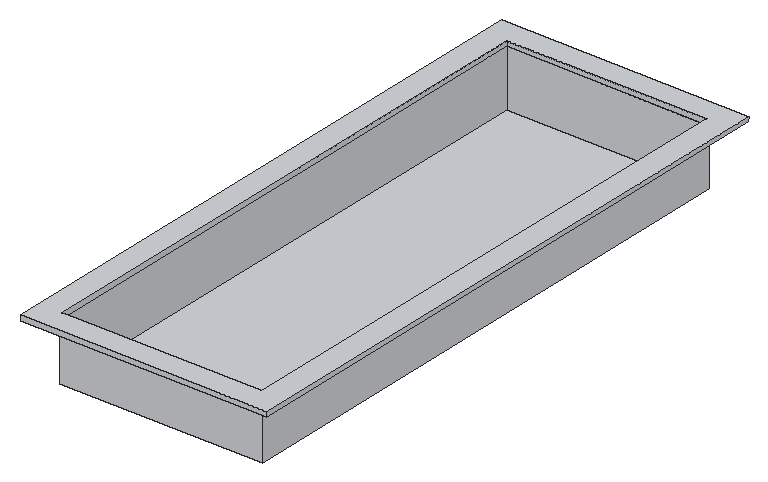
Revit family "Hager-VOLTA-Flush_mounted-Other-Without_Cover-Without_DIN-Hosted-PL-en", category Electrical Equipment, host Face, Revit 2023
Family settings
  Host = Face
  Panel Configuration = Two Columns, Circuits Across
  Round Connector Dimension = Use Diameter
  Part Type = Panelboard
  Cut with Voids When Loaded = No
  Maintain Annotation Orientation = Yes
  Shared = No
  Room Calculation Point = No
Parameters (values of type "VOLTA-Flush_mounted_W348_H880_D98_12_Modular_Spacing-VU60NK")
  Width Control [instance] = if([HG000006-Flush mounted], if([EF000846 - Built-in width] > min_whd, [EF000846 - Built-in width], min_whd), if([EF000008 - Width] > min_whd, ([EF000008 - Width]), min_whd))  # 314 mm
  Void Depth [instance] = if([HG000006-Flush mounted], Depth Control, 1 mm)  # 90 mm
  Uniformat code = "D501001"
  Uniformat = "Low Tension Service & Dist."
  HG000131 - Functional label [instance] = ""
  HG000130 - Functional name [instance] = ""
  HG000099-Onfly Template ID = "507532"
  Type Comments = ""
  System Height [instance] = Height Control - 2 * [HG000005-Thickness]  # 861 mm
  Reference description = ""
  Reference = "VOLTA-Flush_mounted_W348_H880_D98_12_Modular_Spacing-VU60NK"
  Object type = ""
  Name hager = "ADD_Enclosures_EC000214"
  Name BIM&CO = "Electricity"
  Name = "VOLTA-Flush_mounted-Other-Without_Cover-Without_DIN-PL"
  Model = ""
  HGEF002950-Width in number of modular spacings = 12
  HGEF000266-Number of rows = 5
  HG000060-RAL-number = "9010"
  HG000059-Operating voltage [instance] = 230 V
  HG000017-Distance between poles = 18 mm
  HG000016-Door 3D visibility = yes
  HG000015-Clearance visibility = yes
  HG000014-Door on the right = yes
  HG000013-Door on the left = not([HG000014-Door on the right])  # no
  HG000012-Door swing angle = 90.00°
  HG000011-Empty rows from bottom = no
  HG000010-Asymmetric doors = no
  HG000009-Double swing door = no
  HG000008-Number of empty rows = 0
  HG000007-Number of empty columns = 0
  HG000006-Flush mounted = yes
  HG000005-Thickness = 2 mm
  HG000004-Manufacturer reference = "VU60NK"
  HG000003-Range = "VOLTA"
  HG000002-With door or cover = no
  HG000001-Number of columns = 0
  GTIN (Global Trade Item Number) = ""
  ETIM class name = "Small distribution board"
  ETIM class code = "EC000214"
  EF015941 - Signal passing door = no
  EF015777 - Neutral terminal block = no
  EF015776 - Earthing terminal block = no
  EF009212 - Cover model = ""
  EF006306 - With lock = no
  EF006244 - Transparent cover/door = no
  EF005474 - Degree of protection (IP) = "Other"
  EF004464 - Type of door = ""
  EF004462 - Type of closure = "Other"
  EF002950 - Width in number of modular spacings = 12
  EF001596 - Housing material = ""
  EF001134 - DIN-rail = no
  EF001131 - Inner depth = 0 mm
  EF001088 - Extension possible = yes
  EF001062 - EMC-version = no
  EF000846 - Built-in width = 314 mm
  EF000339 - Type of covering = ""
  EF000332 - Built-in height = 865 mm
  EF000266 - Number of rows = 5
  EF000218 - Built-in depth = 90 mm
  EF000118 - With mounting plate = no
  EF000116 - RAL-number = 9010
  EF000049 - Depth = 98 mm
  EF000040 - Height = 880 mm
  EF000024 - UV resistant = no
  EF000008 - Width = 348 mm
  EF000007 - Colour = "White"
  EF000003 - Mounting method = "Flush-mounted"
  Creation Date = "12/15/2025 21:47:11"
  Code hager = "ADD-EC000214_EU"
  BIM&CO code = ""
  BC_VARIANT_ID = "1174411"
  BC_OBJECT_VERSION = "#5"  # constant formula
  BC_OBJECT_ID = "513498"  # constant formula
  BC_MODEL_ID = "1547218"  # constant formula
  Arrow Offset [instance] = Depth Control / 8  # 11.25 mm
  Arrow Height [instance] = Depth Control - Arrow Offset  # 78.75 mm
  Host Offset [instance] = if([HG000006-Flush mounted], 0 mm, [EF000049 - Depth])  # 0 mm
  min_whd [instance] = (2 * [HG000005-Thickness]) + 1 mm  # 5 mm
  Manufacturer = "Hager"  # constant formula
  Height Control [instance] = if([HG000006-Flush mounted], if([EF000332 - Built-in height] > min_whd, [EF000332 - Built-in height], min_whd), if([EF000040 - Height] > min_whd, ([EF000040 - Height]), min_whd))  # 865 mm
  Flush Mounted - Door Frame Width [instance] = if(([EF000040 - Height] - [EF000332 - Built-in height]) > 0 mm, if([HG000006-Flush mounted], [EF000040 - Height] - [EF000332 - Built-in height], 0 mm), 0 mm)  # 15 mm
  Depth Control [instance] = if([HG000006-Flush mounted], if([EF000218 - Built-in depth] > 0 mm, [EF000218 - Built-in depth], 1 mm), if([EF000049 - Depth] > 0 mm, ([EF000049 - Depth]), 1 mm))  # 90 mm
  Default Elevation = 0 mm
Types (5, lengths in mm): name | System Height | Reference | HGEF000266-Number of rows | HG000060-RAL-number | HG000004-Manufacturer reference | EF009212 - Cover model | EF004462 - Type of closure | EF001062 - EMC-version | EF000332 - Built-in height | EF000266 - Number of rows | EF000116 - RAL-number | EF000049 - Depth | EF000040 - Height | EF000008 - Width | EF000007 - Colour | BC_VARIANT_ID | Height Control | Flush Mounted - Door Frame Width
  VOLTA-Flush_mounted_W330_H355_D94_12_Modular_Spacing-VU12NK | 342 | "VOLTA-Flush_mounted_W330_H355_D94_12_Modular_Spacing-VU12NK" | 1 | "7035" | "VU12NK" | "Closed" | "" | yes | 346 | 1 | 7035 | 94 | 355 | 330 | "Grey" | "1174404" | 346 | 9
  VOLTA-Flush_mounted_W348_H505_D98_12_Modular_Spacing-VU24NK | 467 | "VOLTA-Flush_mounted_W348_H505_D98_12_Modular_Spacing-VU24NK" | 2 | "9010" | "VU24NK" | "" | "Other" | no | 471 | 2 | 9010 | 98 | 505 | 348 | "White" | "1174406" | 471 | 34
  VOLTA-Flush_mounted_W348_H630_D98_12_Modular_Spacing-VU36NK | 592 | "VOLTA-Flush_mounted_W348_H630_D98_12_Modular_Spacing-VU36NK" | 3 | "9010" | "VU36NK" | "" | "Other" | no | 596 | 3 | 9010 | 98 | 630 | 348 | "White" | "1174408" | 596 | 34
  VOLTA-Flush_mounted_W348_H755_D98_12_Modular_Spacing-VU48NK | 717 | "VOLTA-Flush_mounted_W348_H755_D98_12_Modular_Spacing-VU48NK" | 4 | "9010" | "VU48NK" | "" | "Other" | no | 721 | 4 | 9010 | 98 | 755 | 348 | "White" | "1174409" | 721 | 34
  VOLTA-Flush_mounted_W348_H880_D98_12_Modular_Spacing-VU60NK | 861 | "VOLTA-Flush_mounted_W348_H880_D98_12_Modular_Spacing-VU60NK" | 5 | "9010" | "VU60NK" | "" | "Other" | no | 865 | 5 | 9010 | 98 | 880 | 348 | "White" | "1174411" | 865 | 15
Reference planes
  plane 1 "Center (Front/Back)": y = 0
  plane 2: z = 0
  plane 3 "Center (Left/Right)": x = 0
  plane 4: z = 0
  plane 5: y = 17
  plane 6: z = -5
  plane 7: y = 447.5
  plane 8: y = 15
  plane 9: y = 880
  plane 10: z = -90
  plane 11: x = -157
  plane 12: x = 157
  plane 13: x = 155
  plane 14: x = -155
  plane 15: y = 878
  plane 16: z = -88
  plane 17: z = -2
  plane 18: z = -90
  plane 19: z = -2
  plane 20 "Annotation H": y = -100
  plane 21 "Annotation V": x = 457
Forms (mm)
  Extrusion 1, solid
    sketch origin (-583.045, 15, 1219.2) x (-1, 0, 0) y (0, 0, 1)
      loop
        line (-426.045, -1219.2) -> (-740.045, -1219.2) -> (-740.045, -1309.2) -> (-426.045, -1309.2) -> (-426.045, -1219.2)
    from 0 to 865 <- "Height Control"
  Extrusion 2, void
    sketch origin (-381.607, -4572, 0) x (0, -1, 0) y (-1, 0, 0)
      loop
        line (-5450, -226.607) -> (-5450, -536.607) -> (-4589, -536.607) -> (-4589, -226.607) -> (-5450, -226.607)
    from 0 to 88
  Extrusion 3, void
    sketch origin (0, 0, 0) x (1, 0, 0) y (0, 1, 0)
      loop
        line (-157, 15) -> (157, 15) -> (157, 880) -> (-157, 880) -> (-157, 15)
    from -90 to 1
  Extrusion 4, solid, detail levels coarse+medium
    sketch origin (-381.607, -4572, 0) x (-1, 0, 0) y (0, -1, 0)
      loop
        line (-226.607, -5450) -> (-226.607, -4589) -> (-536.607, -4589) -> (-536.607, -5450) -> (-226.607, -5450)
    from 0 to -2
Cuts and joins
  Extrusion 2 cuts Extrusion 1
Dimensions and locks
  plane 4 to plane 6 = 5 mm
  "Host Offset": plane 4 to host face
  "Flush Mounted - Door Frame Width": plane 1 "Center (Front/Back)" to plane 8
  "HG000005-Thickness": plane 5 to plane 8
  locked: connector elem to plane 3 "Center (Left/Right)"
  "Height Control": plane 9 to plane 8
  equal spacing: plane 9, plane 7, plane 8
  locked: connector elem to plane 7
  "Depth Control": plane 4 to plane 10
  "HG000005-Thickness": plane 11 to plane 14
  "HG000005-Thickness": plane 12 to plane 13
  equal spacing: plane 11, plane 3 "Center (Left/Right)", plane 12
  "Width Control": plane 11 to plane 12
  "Arrow Offset": nested 4 to plane 10
  "HG000005-Thickness": plane 9 to plane 15
  "HG000005-Thickness": plane 16 to plane 10
  "HG000005-Thickness": plane 4 to plane 17
  "Void Depth": plane 2 to plane 18
  "HG000005-Thickness": plane 4 to plane 19
  locked: plane 20 "Annotation H" to plane 1 "Center (Front/Back)" at 100
  locked: plane 12 to plane 21 "Annotation V" at 300
  aligned and locked: plane 2 to host face
  aligned and locked: level to host face
  aligned and locked: plane 3 "Center (Left/Right)" to nested 2
  aligned and locked: plane 4 to nested 2
  aligned and locked: nested 2 to plane 8
  aligned and locked: nested 1 to plane 6
  aligned and locked: plane 5 to nested 1
  aligned and locked: nested 4 to plane 11
  aligned and locked: nested 3 to plane 4
  aligned and locked: Extrusion 1 sketch curve to plane 12
  aligned and locked: Extrusion 1 sketch curve to plane 11
  aligned and locked: nested 3 to plane 10
  aligned and locked: plane 10 to Extrusion 1 sketch curve
  aligned and locked: plane 5 to Extrusion 2 sketch curve
  aligned and locked: Extrusion 2 sketch curve to plane 15
  aligned and locked: Extrusion 2 sketch curve to plane 14
  aligned and locked: Extrusion 2 sketch curve to plane 13
  aligned and locked: plane 11 to Extrusion 3 sketch curve
  aligned and locked: plane 9 to Extrusion 3 sketch curve
  aligned and locked: Extrusion 3 sketch curve to plane 8
  aligned and locked: plane 12 to Extrusion 3 sketch curve
  aligned and locked: nested 3 to plane 12
  aligned and locked: Extrusion 3 to plane 18
  aligned and locked: Extrusion 2 to plane 16
  aligned and locked: Extrusion 1 sketch curve to plane 4
  aligned and locked: Extrusion 4 to plane 17
  aligned and locked: Extrusion 4 sketch curve to plane 15
  aligned and locked: Extrusion 4 sketch curve to plane 13
  aligned and locked: Extrusion 4 sketch curve to plane 14
  aligned and locked: plane 5 to Extrusion 4 sketch curve
  aligned and locked: nested 5 to plane 21 "Annotation V"
  aligned and locked: plane 20 "Annotation H" to nested 5
Automatic sketch dimensions
  host sketch curve to host sketch curve = 1469.727 mm
  host sketch curve to host sketch curve = 1434.803 mm
Nested families
  nested 1: "Hager_Enclosure_System" at (0, 17, -5) x (1, 0, 0) z (0, 1, 0), Depth <- "HG000005-Thickness", Height <- "System Height", Border <- "HG000005-Thickness", Flush_Mounted <- "HG000006-Flush mounted", Row_Module_Multiplicator <- "HGEF002950-Width in number of modular spacings", Total_No_Empty_Rows <- "HG000008-Number of empty rows", Total_No_Rows <- "HGEF000266-Number of rows", Empty_Columns <- "HG000007-Number of empty columns", Width_Control <- "Width Control", Empty_Rows_From_Bottom <- "HG000011-Empty rows from bottom", Distance_Between_Poles <- "HG000017-Distance between poles", Rows_Count <- "HGEF000266-Number of rows", Columns_Count <- "HG000001-Number of columns", Built-in_Width <- "EF000846 - Built-in width", Width <- "EF000008 - Width", type "Hager_Enclosure_System", detail levels fine
    with Width_Control 314 mm, Width 348 mm, Total_No_Rows 5, Total_No_Empty_Rows 0, Total_No_Columns 1, System_Width 310 mm, Rows_Count 5, Rows_Column 5, Row_Module_Multiplicator 12, Panel_4 no, Panel_3 no, Panel_2 no, Panel_1 no, No_Panels_Ctrl 1, Hide_Columns yes, Height 861 mm, Flush_Mounted yes, Empty_Rows_From_Bottom no, Empty_Rows_Column 0, Empty_Columns 0, Empty column 4 0, Empty column 3 0, Empty column 2 0, Empty column 1 0, Distance_Between_Poles 18 mm, Depth 2 mm, Columns_Count 0, Column_Width 310 mm, Built-in_Width 314 mm, Border 2 mm
  nested 2: "Hager_Enclosure_Door" at (0, 15, 0) x (1, 0, 0) z (0, 1, 0), Border <- "HG000005-Thickness", Door_Right <- "HG000014-Door on the right", Flush_Mounted <- "HG000006-Flush mounted", Door_Left <- "HG000013-Door on the left", 3d_Door <- "HG000016-Door 3D visibility", Angle <- "HG000012-Door swing angle", Assymetrical <- "HG000010-Asymmetric doors", Double <- "HG000009-Double swing door", Clearance <- "HG000015-Clearance visibility", Door <- "HG000002-With door or cover", Height_Ctrl <- "Height Control", Width_Ctrl <- "Width Control", BuiltIn_Depth <- "EF000218 - Built-in depth", Depth <- "EF000049 - Depth", BuiltIn_Width <- "EF000846 - Built-in width", Height <- "EF000040 - Height", BuiltIn_Height <- "EF000332 - Built-in height", Width <- "EF000008 - Width", Transparent <- "EF006244 - Transparent cover/door", type "Hager_Enclosure_Door", detail levels medium+fine
    with min_wh 5 mm, Width_Ctrl 314 mm, Width 348 mm, Transparent_Door_No_Bottom_Border no, Transparent no, Leaf_Width 307 mm, Leaf_Tolerance 1.5 mm, Leaf_Height 858 mm, Leaf_2_Width 307 mm, Leaf_2_Offset 153.5 mm, Leaf_1_Width 307 mm, Leaf_1_Offset 153.5 mm, Height_Ctrl 865 mm, Height 880 mm, Frame_Width_Ctrl 34 mm, Frame_Width 34 mm, Frame_Internal_Offset 2 mm, Frame_Height_Ctrl 15 mm, Frame_Height 15 mm, Frame_Depth_Ctrl 8 mm, Frame_Depth 8 mm, Flush_Mounted yes, Double_Clearance_Ctrl no, Double no, Door_Right_Ctrl no, Door_Right yes, Door_Left_Ctrl no, Door_Left no, Door no, Depth 98 mm, Clearance_Depth 307 mm, Clearance_Ctrl yes, Clearance yes, BuiltIn_Width 314 mm, BuiltIn_Height 865 mm, BuiltIn_Depth 90 mm, Border 2 mm, Assymetrical no, Angle 90.00°, 3d_Door yes
  nested 3: "Hager_Enclosure_Symbol_Triangle" at (-157, 0, -90) x (1, 0, 0) z (0, -1, 0), Depth <- "Depth Control", Width <- "Width Control", type "Hager_Enclosure_Symbol_Triangle"
    with Width_Ctrl 314 mm, Width 314 mm, Depth_Ctrl 90 mm, Depth 90 mm
  nested 4: "Hager_Enclosure_Symbol_Arrow" at (-157, 0, -78.75) x (1, 0, 0) z (0, -1, 0), Height <- "Arrow Height", type "Hager_Enclosure_Symbol_Arrow"
    with Width_Inside 5.906 mm, Width 70.875 mm, Height_Ctrl 78.75 mm, Height 78.75 mm
  nested 5: "Hager_Annotation-HG000130" at (457, -100, 0) x (-1, 0, 0) z (0, 0, 1), HG000130 - Functional name <- "HG000130 - Functional name", type "Hager_Annotation-HG000130"
    with HG000130 - Functional name ""
Connectors
  electrical at (0, 447.5, -90)
    settings: on plane 10, index 1, voltage 0 V, apparent load 0 VA, apparent load phase1 0 VA, apparent load phase2 0 VA, apparent load phase3 0 VA, power factor 1, load classification "Other", number of poles 1, system type 30, power factor state 1, is connector primary yes, connector utility no, sub classification motor no, connector description ""
Definition of nested family "Hager_Enclosure_Door"
  Parameters (values of type "Hager_Enclosure_Door")
    min_wh [instance] = (2 * Border) + 1 mm  # 11 mm
    Width_Ctrl [instance] = 400 mm
    Width [instance] = 500 mm
    Transparent_Door_No_Bottom_Border [instance] = no
    Transparent [instance] = yes
    Leaf_Width [instance] = if((Width_Ctrl - 2 * Border - 2 * Leaf_Tolerance) > 0 mm, (Width_Ctrl - 2 * Border - 2 * Leaf_Tolerance), min_wh)  # 387 mm
    Leaf_Tolerance [instance] = 1.5 mm  # constant formula
    Leaf_Height [instance] = if((Height_Ctrl - 2 * Border - 2 * Leaf_Tolerance) > 0 mm, (Height_Ctrl - 2 * Border - 2 * Leaf_Tolerance), min_wh)  # 387 mm
    Leaf_2_Width [instance] = if(and(and(Double, Assymetrical), Door_Left), (Leaf_Width / 3) - (Leaf_Tolerance / 2), if(and(and(Double, Assymetrical), Door_Right), (Leaf_Width / 3) * 2 - (Leaf_Tolerance / 2), if(and(Double, not(Assymetrical)), (Leaf_Width / 2) - Leaf_Tolerance, Leaf_Width)))  # 387 mm
    Leaf_2_Offset [instance] = if(and(Double, Assymetrical), Leaf_2_Width / 2, if(and(Double, not(Assymetrical)), Leaf_Width / 4, Leaf_Width / 2))  # 193.5 mm
    Leaf_1_Width [instance] = if(and(and(Double, Assymetrical), Door_Right), (Leaf_Width / 3) - (Leaf_Tolerance / 2), if(and(and(Double, Assymetrical), Door_Left), (Width / 3) * 2 - (Leaf_Tolerance / 2), if(and(Double, not(Assymetrical)), (Leaf_Width / 2) - Leaf_Tolerance, Leaf_Width)))  # 387 mm
    Leaf_1_Offset [instance] = if(and(Double, Assymetrical), Leaf_1_Width / 2, if(and(Double, not(Assymetrical)), Leaf_Width / 4, Leaf_Width / 2))  # 193.5 mm
    Height_Ctrl [instance] = 400 mm
    Height [instance] = 500 mm
    Frame_Width_Ctrl [instance] = if(Frame_Width > 0 mm, Frame_Width, 1 mm)  # 1 mm
    Frame_Width [instance] = Width - BuiltIn_Width  # 0 mm
    Frame_Internal_Offset [instance] = if(Flush_Mounted, Border, 0 mm)  # 5 mm
    Frame_Height_Ctrl [instance] = if(Frame_Height > 0 mm, Frame_Height, 1 mm)  # 1 mm
    Frame_Height [instance] = Height - BuiltIn_Height  # 0 mm
    Frame_Depth_Ctrl [instance] = if(Frame_Depth > 0 mm, Frame_Depth, 1 mm)  # 1 mm
    Frame_Depth [instance] = if(Depth - BuiltIn_Depth > 0 mm, if(Flush_Mounted, Depth - BuiltIn_Depth, 0 mm), 0 mm)  # 0 mm
    Flush_Mounted [instance] = yes
    Double_Clearance_Ctrl [instance] = and(Double, Clearance)  # no
    Double [instance] = no
    Door_Right_Ctrl [instance] = and(or(Door_Right, Double), Door)  # yes
    Door_Right [instance] = yes
    Door_Left_Ctrl [instance] = and(or(Door_Left, Double), Door)  # no
    Door_Left [instance] = no
    Door [instance] = yes
    Depth [instance] = 500 mm
    Default Elevation = 1219.2 mm
    Clearance_Material = none
    Clearance_Depth [instance] = if(Leaf_1_Width > Leaf_2_Width, Leaf_1_Width, Leaf_2_Width)  # 387 mm
    Clearance_Ctrl [instance] = and(not(Double), Clearance)  # yes
    Clearance [instance] = yes
    BuiltIn_Width [instance] = 500 mm
    BuiltIn_Height [instance] = 500 mm
    BuiltIn_Depth [instance] = 500 mm
    Border [instance] = 5 mm
    Assymetrical [instance] = yes
    Angle [instance] = 30.00°
    3d_Door [instance] = yes
  Reference planes
    plane 1 "Center (Front/Back)": y = 0
    plane 2 "Bottom": z = 0
    plane 3 "Center (Left/Right)": x = 0
    plane 4: z = 400
    plane 5: x = -200
    plane 6: x = 200
    plane 7: z = 395
    plane 8: x = -195
    plane 9: z = 5
    plane 10: x = 195
    plane 11: y = 0
    plane 12: z = 6.5
    plane 13: x = -582
    plane 14: y = -387
    plane 15: x = 582
    plane 16: x = 0
    plane 17: x = 0
    plane 18: x = -193.5
    plane 19: x = 193.5
    plane 20: z = 393.5
  Forms (mm)
    Extrusion 1, solid, visible <- "Flush_Mounted"
      sketch origin (0, 0, 0) x (1, 0, 0) y (0, 0, 1)
        loop
          line (195, 5) -> (195, 395) -> (-195, 395) -> (-195, 5) -> (195, 5)
        loop
          line (-201, 401) -> (-201, -1) -> (201, -1) -> (201, 401) -> (-201, 401)
      from 0 to 1 <- "Frame_Depth_Ctrl"
    Extrusion 2, solid, material <- "Clearance_Material", visible <- "Double_Clearance_Ctrl"
      sketch origin (1200, 0, 0) x (1, 0, 0) y (0, 0, -1)
        loop
          line (-1782, -393.5) -> (-618, -393.5) -> (-618, 0) -> (-1782, 0) -> (-1782, -393.5)
      from 0 to -387
  Dimensions and locks
    equal spacing: plane 5, plane 3 "Center (Left/Right)", plane 6
    "Width_Ctrl": plane 5 to plane 6
    "Border": plane 5 to plane 8
    "Border": plane 6 to plane 10
    "Border": plane 9 to level
    "Border": plane 4 to plane 7
    "Height_Ctrl": plane 4 to level
    "Leaf_Tolerance": plane 12 to plane 9
    "Frame_Depth": plane 11 to plane 1 "Center (Front/Back)"
    "Frame_Width_Ctrl": plane 5 to Extrusion 1 sketch curve
    "Frame_Width_Ctrl": plane 6 to Extrusion 1 sketch curve
    "Frame_Width_Ctrl": Extrusion 1 sketch curve to plane 4
    "Frame_Width_Ctrl": plane 2 "Bottom" to Extrusion 1 sketch curve
    "Leaf_1_Offset": plane 18 to plane 16
    "Leaf_2_Offset": plane 17 to plane 19
    "Leaf_1_Width": plane 13 to plane 8
    "Leaf_2_Width": plane 10 to plane 15
    "Clearance_Depth": plane 14 to plane 1 "Center (Front/Back)"
    "Leaf_Tolerance": plane 8 to plane 18
    "Leaf_Tolerance": plane 19 to plane 10
    "Leaf_Tolerance": plane 7 to plane 20
    "Frame_Internal_Offset": plane 5 to Extrusion 1 sketch curve
    "Frame_Internal_Offset": Extrusion 1 sketch curve to plane 2 "Bottom"
    "Frame_Internal_Offset": plane 6 to Extrusion 1 sketch curve
    "Frame_Internal_Offset": plane 4 to Extrusion 1 sketch curve
    aligned and locked: level to plane 2 "Bottom"
    aligned and locked: nested 1 to plane 16
    aligned and locked: nested 2 to plane 17
    aligned and locked: Extrusion 2 to plane 13
    aligned and locked: plane 15 to Extrusion 2
    aligned and locked: Extrusion 2 to plane 14
    aligned and locked: plane 12 to nested 1
    aligned and locked: nested 2 to plane 12
    aligned and locked: Extrusion 2 to plane 11
    aligned and locked: plane 20 to Extrusion 2
    aligned and locked: nested 2 to plane 11
    aligned and locked: nested 1 to plane 11
  Automatic sketch dimensions
    Extrusion 2 sketch curve to level = 0 mm
    plane 5 to Extrusion 2 sketch curve = 382 mm
    plane 6 to Extrusion 2 sketch curve = 382 mm
    Extrusion 2 sketch curve to plane 4 = 6.5 mm
  Nested families
    nested 1: "Hager_Enclosure_Door_Leaf" at (0, 0, 6.5), Width <- "Leaf_1_Width", visible <- "Door_Left_Ctrl", Leaf_Height <- "Leaf_Height", Angle <- "Angle", Depth <- "Border", 3d_Door <- "3d_Door", Transparent <- "Transparent", Clearance Material <- "Clearance_Material", Clearance <- "Clearance_Ctrl", Transparent_Door_No_Bottom_Border <- "Transparent_Door_No_Bottom_Border", type "Hager_Enclosure_Door_Leaf"
      with Width 387 mm, Transparent_Door_No_Bottom_Border no, Transparent_Door_Border_Bottom_Top 25 mm, Transparent_Door_Border 25 mm, Transparent_Ctrl yes, Transparent yes, Standard no, Leaf_Height 387 mm, Glass_Offset 1 mm, Depth 5 mm, Clearance Material none, Clearance yes, Angle_Ctrl 30.00°, Angle 30.00°, 3d_Door yes
    nested 2: "Hager_Enclosure_Door_Leaf" at (0, 0, 6.5) x (-1, 0, 0) z (0, 0, 1), Width <- "Leaf_2_Width", visible <- "Door_Right_Ctrl", Leaf_Height <- "Leaf_Height", Angle <- "Angle", Depth <- "Border", 3d_Door <- "3d_Door", Transparent <- "Transparent", Clearance Material <- "Clearance_Material", Clearance <- "Clearance_Ctrl", Transparent_Door_No_Bottom_Border <- "Transparent_Door_No_Bottom_Border", type "Hager_Enclosure_Door_Leaf"
      with Width 387 mm, Transparent_Door_No_Bottom_Border no, Transparent_Door_Border_Bottom_Top 25 mm, Transparent_Door_Border 25 mm, Transparent_Ctrl yes, Transparent yes, Standard no, Leaf_Height 387 mm, Glass_Offset 1 mm, Depth 5 mm, Clearance Material none, Clearance yes, Angle_Ctrl 30.00°, Angle 30.00°, 3d_Door yes
  Definition of nested family "Hager_Enclosure_Door_Leaf"
    Parameters (values of type "Hager_Enclosure_Door_Leaf")
      Width [instance] = 2000 mm
      Transparent_Door_No_Bottom_Border [instance] = yes
      Transparent_Door_Border_Bottom_Top [instance] = if(Transparent_Door_No_Bottom_Border, 0.1 mm, Transparent_Door_Border)  # 0.1 mm
      Transparent_Door_Border [instance] = if(Transparent_Door_No_Bottom_Border, (Width * 0.12), 25 mm)  # 240 mm
      Transparent_Ctrl [instance] = and(Transparent, [3d_Door])  # yes
      Transparent [instance] = yes
      Standard [instance] = and(not(Transparent), [3d_Door])  # no
      Leaf_Height [instance] = 2720.336 mm
      Glass_Offset [instance] = if((Depth - 10 mm) / 2 > 0 mm, (Depth - 10 mm) / 2, 1 mm)  # 15 mm
      Glass_Material = none
      Depth [instance] = 40 mm
      Default Elevation = 0 mm
      Clearance Material [instance] = none
      Clearance [instance] = yes
      Angle_Ctrl [instance] = if(Angle > 170.00°, 170.00°, Angle)  # 45.00°
      Angle [instance] = 45.00°
      3d_Door [instance] = yes
    Reference planes
      plane 1 "Center (Front/Back)": y = 0
      plane 2: z = 0
      plane 3 "Center (Left/Right)": x = 0
      plane 4: y = 2000
      plane 5: x = -1000
      plane 6: x = 1000
      plane 7: x = -3000
      plane 8: z = 2720.336
      plane 9: z = 0.1
      plane 10: z = 2720.236
      plane 11: x = 760
      plane 12: x = -760
    Forms (mm)
      Extrusion 1, solid, material <- "Clearance Material", visible <- "Clearance"
        sketch origin (0, 0, 0) x (1, 0, 0) y (0, 0, 1)
          loop
            line (-3000, 2720.336) -> (-3000, 0) -> (1000, 0) -> (1000, 2720.336) -> (-3000, 2720.336)
        from 0 to -2000
      Extrusion 2, solid, visible <- "Standard", detail levels medium+fine
        sketch origin (-1000, 0, 0) x (0.707107, 0.707107, 0) y (-0.707107, 0.707107, 0)
          loop
            line (0, -40) -> (2000, -40) -> (2000, 0) -> (0, 0) -> (0, -40)
        from 0 to 2720.336 <- "Leaf_Height"
      Extrusion 3, solid, visible <- "Transparent_Ctrl", detail levels medium+fine
        sketch origin (-1000, 0, 0) x (0.707107, 0.707107, 0) y (-0.707107, 0.707107, 0)
          loop
            line (0, -40) -> (2000, -40) -> (2000, 0) -> (0, 0) -> (0, -40)
        from 0 to 2720.336 <- "Leaf_Height"
      Extrusion 4, void, detail levels medium+fine
        sketch origin (-1000, 0, 0) x (-0.707107, 0.707107, 0) y (0.707107, 0.707107, 0)
          loop
            line (0, 240) -> (0, 1760) -> (-40, 1760) -> (-40, 240) -> (0, 240)
        from -2720.236 to -0.1
      Extrusion 5, solid, material <- "Glass_Material", visible <- "Transparent_Ctrl", detail levels medium+fine
        sketch origin (-1000, 0, 0) x (0.707107, 0.707107, 0) y (-0.707107, 0.707107, 0)
          loop
            line (240, -15) -> (240, -25) -> (1760, -25) -> (1760, -15) -> (240, -15)
        from 0.1 to 2720.236
    Cuts and joins
      Extrusion 4 cuts Extrusion 3
    Lines and regions (mm)
      symbolic lines
        curve 1: line (1000, 0, 0) -> (-3000, 0, 0)
        curve 2: arc (1000, 0, 0) -> (-1000, 2000, 0) -> (-3000, 0, 0) r 2000
        curve 4: line (-1000, 0, 0) -> (414.214, 1414.214, 0)
      reference lines
        curve 3: line (-1000, 0, 0) -> (414.214, 1414.214, 0)
      symbolic lines, detail levels medium+fine
        curve 5: line (414.214, 1414.214, 0) -> (442.498, 1385.929, 0)
        curve 6: line (442.498, 1385.929, 0) -> (-971.716, -28.284, 0)
        curve 7: line (-971.716, -28.284, 0) -> (-1000, 0, 0)
        curve 8: line (-1000, 0, 2720.336) -> (1000, 0, 2720.336)
        curve 9: line (-1000, 0, 0) -> (-1000, 0, 2720.336)
        curve 10: line (1000, 0, 0) -> (-1000, 0, 0)
        curve 11: line (1000, 0, 2720.336) -> (1000, 0, 0)
      symbolic lines, visible <- "Transparent_Ctrl", detail levels medium+fine
        curve 12: line (-760, 0, 2720.236) -> (760, 0, 2720.236)
        curve 13: line (-760, 0, 0.1) -> (-760, 0, 2720.236)
        curve 14: line (760, 0, 0.1) -> (-760, 0, 0.1)
        curve 15: line (760, 0, 2720.236) -> (760, 0, 0.1)
    Dimensions and locks
      "Width": plane 1 "Center (Front/Back)" to plane 4
      equal spacing: plane 5, plane 3 "Center (Left/Right)", plane 6
      "Width": plane 5 to plane 6
      "Width": plane 7 to plane 5
      "Leaf_Height": plane 8 to level
      "Depth": curve 6 to curve 3
      "Width": curve 5 to curve 3
      "Width": curve 3 to curve 3
      "Transparent_Door_Border": Extrusion 4 sketch curve to curve 7
      "Transparent_Door_Border": Extrusion 4 sketch curve to curve 5
      "Transparent_Door_Border_Bottom_Top": plane 8 to plane 10
      "Transparent_Door_Border_Bottom_Top": plane 9 to level
      "Glass_Offset": Extrusion 5 sketch curve to curve 4
      "Glass_Offset": Extrusion 5 sketch curve to curve 6
      "Transparent_Door_Border": Extrusion 5 sketch curve to curve 5
      "Transparent_Door_Border": Extrusion 5 sketch curve to curve 7
      "Transparent_Door_Border": plane 12 to plane 5
      "Transparent_Door_Border": plane 6 to plane 11
      "Angle_Ctrl": angle plane 1 "Center (Front/Back)" to curve 3
      aligned and locked: level to plane 2
      aligned and locked: Extrusion 1 to curve 1
      aligned and locked: plane 6 to Extrusion 1
      aligned and locked: Extrusion 1 to plane 1 "Center (Front/Back)"
      aligned and locked: plane 4 to Extrusion 1
      aligned and locked: plane 8 to Extrusion 1
      aligned and locked: curve 4 to curve 3
      aligned and locked: Extrusion 2 sketch curve to curve 7
      aligned and locked: Extrusion 2 sketch curve to curve 6
      aligned and locked: Extrusion 2 sketch curve to curve 5
      aligned and locked: Extrusion 2 sketch curve to curve 3
      aligned and locked: curve 7 to Extrusion 3 sketch curve
      aligned and locked: Extrusion 3 sketch curve to curve 4
      aligned and locked: Extrusion 3 sketch curve to curve 6
      aligned and locked: Extrusion 3 sketch curve to curve 5
      aligned and locked: curve 4 to Extrusion 4 sketch curve
      aligned and locked: curve 6 to Extrusion 4 sketch curve
      aligned and locked: Extrusion 4 to plane 9
      aligned and locked: Extrusion 4 to plane 10
      aligned and locked: Extrusion 5 to plane 9
      aligned and locked: Extrusion 5 to plane 10
      aligned and locked: curve 8 to plane 8
      aligned and locked: plane 5 to curve 9
      aligned and locked: plane 2 to curve 10
      aligned and locked: curve 11 to plane 6
      aligned and locked: plane 10 to curve 12
      aligned and locked: plane 12 to curve 13
      aligned and locked: curve 14 to plane 9
      aligned and locked: plane 11 to curve 15
    Automatic sketch dimensions
      plane 1 "Center (Front/Back)" to curve 2 = 0 mm
      curve 2 to plane 5 = 0 mm
      Extrusion 1 sketch curve to level = 0 mm
      Extrusion 1 sketch curve to plane 7 = 0 mm
      Extrusion 1 sketch curve to plane 6 = 0 mm
      Extrusion 1 sketch curve to plane 8 = 0 mm
      plane 1 "Center (Front/Back)" to curve 3 = 0 mm
      curve 3 to plane 5 = 0 mm
      curve 7 to curve 3 = 0 mm
Definition of nested family "Hager_Enclosure_Symbol_Triangle"
  Parameters (values of type "Hager_Enclosure_Symbol_Triangle")
    Width_Ctrl [instance] = if(Width > 1 mm, Width, 1 mm)  # 498 mm
    Width [instance] = 498 mm
    Depth_Ctrl [instance] = if(Depth > 1 mm, Depth, 1 mm)  # 72 mm
    Depth [instance] = 72 mm
  Reference planes
    plane 1 "Centre (avant/arrière)": y = 0
    plane 2: z = 0
    plane 3 "Centre (gauche/droite)": x = 0
  Lines and regions (mm)
    Filled region 1, type "Solid_Black", in view "Niveau de réf."
      outline origin (0, 0, 0) x (1, 0, 0) y (0, 1, 0)
        loop
          line (0, 0) -> (498, 0) -> (498, 72) -> (0, 0)
    reference lines, in view "Niveau de réf."
      curve 1: line (-206.153, 72, 0) -> (1083.258, 72, 0)
      curve 2: line (498, 405.456, 0) -> (498, -517.619, 0)
  Dimensions and locks
    "Depth_Ctrl": plane 1 "Centre (avant/arrière)" to curve 1
    "Width_Ctrl": plane 3 "Centre (gauche/droite)" to curve 2
    aligned and locked: curve 1 to Filled region 1 sketch curve
    aligned and locked: Filled region 1 sketch curve to plane 1 "Centre (avant/arrière)"
    aligned and locked: curve 2 to Filled region 1 sketch curve
    aligned and locked: plane 3 "Centre (gauche/droite)" to Filled region 1 sketch curve
    aligned and locked: plane 1 "Centre (avant/arrière)" to Filled region 1 sketch curve
  Automatic sketch dimensions
    curve 1 to plane 3 "Centre (gauche/droite)" = 206.153 mm
    curve 2 to curve 1 = 585.258 mm
    plane 1 "Centre (avant/arrière)" to curve 2 = 517.619 mm
    curve 2 to plane 1 "Centre (avant/arrière)" = 405.456 mm
Definition of nested family "Hager_Enclosure_Symbol_Arrow"
  Parameters (values of type "Hager_Enclosure_Symbol_Arrow")
    Width_Inside [instance] = if(Width / 12 > 2 mm, Width / 12, 2 mm)  # 4.987 mm
    Width [instance] = if(Height_Ctrl * 0.9 > 2 mm, Height_Ctrl * 0.9, 2 mm)  # 59.85 mm
    Height_Ctrl [instance] = if(Height > 2 mm, Height, 2 mm)  # 66.5 mm
    Height [instance] = 66.5 mm
  Reference planes
    plane 1 "Centre (avant/arrière)": y = 0
    plane 2: z = 0
    plane 3 "Centre (gauche/droite)": x = 0
    plane 4: x = 59.85
    plane 5: y = 28.263
    plane 6: y = 38.238
    plane 7: y = 66.5
    plane 8: x = 29.925
    plane 9: y = 33.25
  Lines and regions (mm)
    Filled region 1, type "Solid_Black", in view "Niveau de réf."
      outline origin (0, 0, 0) x (1, 0, 0) y (0, 1, 0)
        loop
          line (59.85, 66.5) -> (37.929, 52.827) -> (51.846, 41.935) -> (59.85, 66.5)
    detail lines, in view "Niveau de réf."
      curve 1: line (0, 0, 0) -> (29.925, 38.238, 0)
      curve 2: line (29.925, 38.238, 0) -> (29.925, 28.263, 0)
      curve 3: line (29.925, 28.263, 0) -> (59.85, 66.5, 0)
  Dimensions and locks
    "Width": plane 3 "Centre (gauche/droite)" to plane 4
    "Height_Ctrl": plane 7 to plane 1 "Centre (avant/arrière)"
    equal spacing: plane 3 "Centre (gauche/droite)", plane 8, plane 4
    equal spacing: plane 7, plane 9, plane 1 "Centre (avant/arrière)"
    equal spacing: plane 6, plane 9, plane 5
    "Width_Inside": plane 6 to plane 9
    equal spacing: curve 3, Filled region 1 sketch curve, Filled region 1 sketch curve
    angle Filled region 1 sketch curve to curve 3 = 20.00°
    angle curve 3 to Filled region 1 sketch curve = 20.00°
    locked: curve 3 to Filled region 1 sketch curve (angle 90.00°)
  Automatic sketch dimensions
    plane 1 "Centre (avant/arrière)" to curve 1 = 0 mm
    curve 1 to plane 3 "Centre (gauche/droite)" = 0 mm
    curve 2 to plane 6 = 0 mm
    curve 3 to plane 8 = 0 mm
    curve 3 to plane 4 = 0 mm
    curve 2 to plane 5 = 0 mm
    curve 3 to plane 7 = 0 mm
    Filled region 1 sketch curve to plane 4 = 0 mm
    Filled region 1 sketch curve to plane 7 = 0 mm
Definition of nested family "Hager_Annotation-HG000130"
  Parameters (values of type "Hager_Annotation-HG000130")
    HG000130 - Functional name [instance] = ""
  Reference planes
    plane 1: y = 0
    plane 2: x = 0
  Lines and regions (mm)
    detail lines
      curve 1: line (-27.5, 10, 0) -> (27.5, 10, 0)
      curve 2: line (-27.5, -10, 0) -> (-27.5, 10, 0)
      curve 3: line (27.5, -10, 0) -> (-27.5, -10, 0)
      curve 4: line (27.5, 10, 0) -> (27.5, -10, 0)
  Text (mm)
    label "HG000130 - Functional name" at (0.16, 0.026, 0), shows "HG000130 - Functional name"
